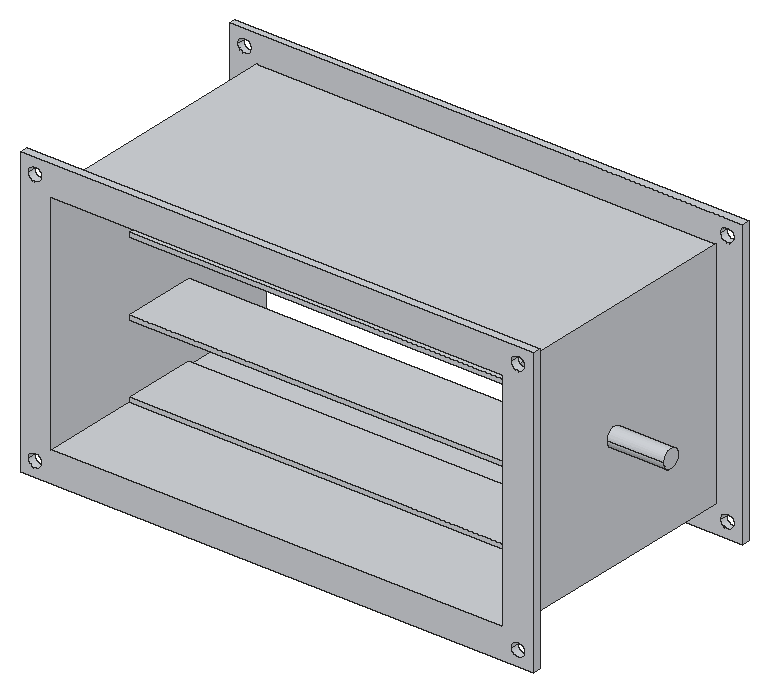
Revit family "14.Регулирующая заслонка для прямоугольных каналов ZR", category Оборудование, Revit 2016
Family settings
  Тип детали = Нормальный
  Размер круглого соединителя = Использовать диаметр
  На основе рабочей плоскости = Нет
  Всегда вертикально = Да
  При загрузке вырезать с полостями = Нет
  Общий = Нет
  Точка расчета площади = Нет
Parameters (values of type "30-15")
  ширина ламели = Б / 3 - 1 mm  # 49 mm
  х = Толщина ламели / 2  # 1.5 mm
  Электропривод = no
  Ширина = А  # 300 mm
  Частотный преобразователь [instance] = no
  Частота вращения n, об/мин = ""
  Толщина ламели = Б * 0.02  # 3 mm
  Тип, марка, обозначение = "ZR 30-15"
  Теплопроизводительность, кВт = ""
  Сила тока J, А = ""
  Регулятор расхода [instance] = no
  Размер В = 320 mm
  Раздел = "ОВ"
  Примечание = ""
  Позиция = ""
  Отступ = 20 mm
  Напряжение U,В = ""
  Наименование и тех.хар-ка = "Регулирующая заслонка для прямоугольных каналов"  # constant formula
  Материал = Сталь серая
  Масса единицы = "3.8 кг"
  И = 178 mm
  Ж = 9 mm
  Код, оборудования = ""
  Ключевая пометка = "Вентиляция"
  L ламели = А  # 300 mm
  Д = 340 mm
  Задание электрикам [instance] = no
  Задание автоматчикам [instance] = no
  Завод изготовитель = "KORF"  # constant formula
  Единица измерения = "шт."  # constant formula
  Г = 170 mm
  Е = 190 mm
  Высота = Б  # 150 mm
  Б = 150 mm
  А = 300 mm
  Глубина среза = 15 mm
  N = 3
  H = Б - ширина ламели  # 101 mm
Types (10, lengths in mm): name | ширина ламели | х | Электропривод | Ширина | Толщина ламели | Тип, марка, обозначение | Размер В | Масса единицы | И | Ж | L ламели | Д | Г | Е | Высота | Б | А | N | H
  30-15 | 49 | 1.5 | no | 300 | 3 | "ZR 30-15" | 320 | "3.8 кг" | 178 | 9 | 300 | 340 | 170 | 190 | 150 | 150 | 300 | 3 | 101
  40-20 | 65.667 | 2 | yes | 400 | 4 | "ZR 40-20" | 420 | "5.4 кг" | 178 | 9 | 400 | 440 | 220 | 240 | 200 | 200 | 400 | 0 | 134.333
  50-25 | 82.333 | 2.5 | yes | 500 | 5 | "ZR 50-25" | 520 | "6.6 кг" | 178 | 9 | 500 | 540 | 270 | 290 | 250 | 250 | 500 | 0 | 167.667
  50-30 | 99 | 3 | yes | 500 | 6 | "ZR 50-30" | 520 | "7.6 кг" | 178 | 9 | 500 | 540 | 320 | 340 | 300 | 300 | 500 | 0 | 201
  60-30 | 99 | 3 | yes | 600 | 6 | "ZR 60-30" | 620 | "8.6 кг" | 178 | 9 | 600 | 640 | 320 | 340 | 300 | 300 | 600 | 0 | 201
  60-35 | 115.667 | 3.5 | yes | 600 | 7 | "ZR 60-35" | 620 | "9 кг" | 178 | 9 | 600 | 640 | 370 | 390 | 350 | 350 | 600 | 0 | 234.333
  70-40 | 132.333 | 4 | yes | 700 | 8 | "ZR 70-40" | 720 | "11.2 кг" | 178 | 9 | 700 | 740 | 420 | 440 | 400 | 400 | 700 | 0 | 267.667
  80-50 | 165.667 | 5 | yes | 800 | 10 | "ZR 80-50" | 820 | "13.6 кг" | 178 | 9 | 800 | 870 | 520 | 540 | 500 | 500 | 800 | 0 | 334.333
  90-50 | 165.667 | 5 | yes | 900 | 10 | "ZR 90-50" | 930 | "15.8 кг" | 190 | 11 | 900 | 960 | 530 | 560 | 500 | 500 | 900 | 0 | 334.333
  100-50 | 165.667 | 5 | yes | 1000 | 10 | "ZR 100-50" | 1030 | "16.8 кг" | 190 | 11 | 1000 | 1060 | 530 | 560 | 500 | 500 | 1000 | 0 | 334.333
Reference planes
  plane 1 "По центру (Вперед/Назад)": y = 0
  plane 2: z = 0
  plane 3 "По центру (Влево/Вправо)": x = 0
  plane 4: x = -170
  plane 5: x = 170
  plane 6: z = 95
  plane 7: z = -95
  plane 8: x = -160
  plane 9: x = -150
  plane 10: x = 160
  plane 11: x = 150
  plane 12: z = 85
  plane 13: z = 75
  plane 14: z = -85
  plane 15: z = -75
  plane 16: y = 89
  plane 17: y = -89
  plane 18: y = -69
  plane 19: y = 69
  plane 20: y = 84.476
  plane 21: y = -84
  plane 22: x = 190
Forms (mm)
  Extrusion 1, void, not visible
    sketch origin (-345, -245, 50) x (0, -1, 0) y (0, 0, -1)
      loop
        line (-477.965, -475) -> (-477.965, -450) -> (-528.913, -450) -> (-528.913, -475) -> (-477.965, -475)
    from -47.452 to 12
  Extrusion 2, solid, detail levels fine
    sketch origin (0, 0, 0) x (1, 0, 0) y (0, 0, 1)
      loop
        line (-170, 95) -> (-170, -95) -> (170, -95) -> (170, 95) -> (-170, 95)
      loop
        line (-150, 75) -> (-150, -75) -> (150, -75) -> (150, 75) -> (-150, 75)
    from -89 to 89
  Extrusion 3, void
    sketch origin (0, 0, 0) x (1, 0, 0) y (0, 0, 1)
      loop
        circle (-160, 85) r 4.5
      loop
        circle (-160, -85) r 4.5
      loop
        circle (160, -85) r 4.5
      loop
        circle (160, 85) r 4.5
    from -89 to 89
  Sweep 4, void, detail levels fine
    path in 3D
      loop
        line (170, -89, 95) -> (170, -89, -95) -> (-170, -89, -95) -> (-170, -89, 95) -> (170, -89, 95)
    profile origin (0, -89, 95) x (0, 1, 0) y (0, 0, 1)
      loop
        line (5, 0) -> (5, -18) -> (173.476, -18) -> (173.476, 0) -> (5, 0)
  Extrusion 5, solid, detail levels fine
    sketch origin (0, -0.012, 0.097) x (0, 1, 0) y (0, 0, 1)
      loop
        circle (0, 0) r 6
    from 150 to 190
Cuts and joins
  Extrusion 3, Sweep 4 cuts Extrusion 2
  joined: Extrusion 2, Extrusion 5
Lines and regions (mm)
  sketch lines
    curve 1: line (-170, -89, 95) -> (170, -89, 95)
    curve 2: line (170, -89, 95) -> (170, -89, -95)
    curve 3: line (170, -89, -95) -> (-170, -89, -95)
    curve 4: line (-170, -89, -95) -> (-170, -89, 95)
  model lines, detail levels coarse
    curve 5: line (-170, 89, 0) -> (170, 89, 0)
    curve 6: line (-170, -89, 0) -> (-170, 89, 0)
    curve 7: line (170, -89, 0) -> (-170, -89, 0)
    curve 8: line (170, 89, 0) -> (170, -89, 0)
    curve 9: circle (0, 0, 0) r 25 normal (0, 0, 1)
    curve 10: line (35.355, -35.355, 0) -> (-35.355, 35.355, 0)
    curve 11: circle (-60.711, 0, 0) r 25 normal (0, 0, 1)
    curve 12: line (-25.355, -35.355, 0) -> (-96.066, 35.355, 0)
    curve 13: circle (-131.421, 0, 0) r 25 normal (0, 0, 1)
    curve 14: line (-96.066, -35.355, 0) -> (-166.777, 35.355, 0)
    curve 15: circle (60.711, 0, 0) r 25 normal (0, 0, -1)
    curve 16: circle (131.421, 0, 0) r 25 normal (0, 0, -1)
    curve 17: line (96.066, -35.355, 0) -> (25.355, 35.355, 0)
    curve 18: line (166.777, -35.355, 0) -> (96.066, 35.355, 0)
  model lines, not visible, detail levels coarse
    curve 19: circle (0, 0, 0) r 25 normal (0, 0, 1)
    curve 20: line (35.355, -35.355, 0) -> (-35.355, 35.355, 0)
    curve 21: circle (-60.711, 0, 0) r 25 normal (0, 0, 1)
    curve 22: line (-25.355, -35.355, 0) -> (-96.066, 35.355, 0)
    curve 23: circle (-131.421, 0, 0) r 25 normal (0, 0, 1)
    curve 24: line (-96.066, -35.355, 0) -> (-166.777, 35.355, 0)
    curve 25: circle (60.711, 0, 0) r 25 normal (0, 0, -1)
    curve 26: circle (131.421, 0, 0) r 25 normal (0, 0, -1)
    curve 27: line (96.066, -35.355, 0) -> (25.355, 35.355, 0)
    curve 28: line (166.777, -35.355, 0) -> (96.066, 35.355, 0)
  model lines, detail levels medium
    curve 29: line (0, 89, 95) -> (0, -89, 95)
    curve 30: line (0, 89, -95) -> (0, 89, 95)
    curve 31: line (0, -89, -95) -> (0, 89, -95)
    curve 32: line (0, -89, 95) -> (0, -89, -95)
    curve 33: circle (0, 0, 0) r 15 normal (1, 0, 0)
    curve 34: line (0, -17.678, -17.678) -> (0, 17.678, 17.678)
    curve 35: circle (0, 0, 50) r 15 normal (1, 0, 0)
    curve 36: line (0, -17.678, 32.322) -> (0, 17.678, 67.678)
    curve 37: circle (0, 0, -50) r 15 normal (1, 0, 0)
    curve 38: line (0, -17.678, -67.678) -> (0, 17.678, -32.322)
  model lines, not visible, detail levels medium
    curve 39: circle (0, 0, 0) r 15 normal (1, 0, 0)
    curve 40: line (0, -17.678, -17.678) -> (0, 17.678, 17.678)
    curve 41: circle (0, 0, 50) r 15 normal (1, 0, 0)
    curve 42: line (0, -17.678, 32.322) -> (0, 17.678, 67.678)
    curve 43: circle (0, 0, -50) r 15 normal (1, 0, 0)
    curve 44: line (0, -17.678, -67.678) -> (0, 17.678, -32.322)
Dimensions and locks
  equal spacing: plane 6, level, plane 7
  "Е": plane 6 to plane 7
  equal spacing: plane 12, level, plane 14
  "Г": plane 12 to plane 14
  equal spacing: plane 13, level, plane 15
  "Б": plane 13 to plane 15
  equal spacing: plane 5, plane 3 "По центру (Влево/Вправо)", plane 4
  "Д": plane 5 to plane 4
  equal spacing: plane 10, plane 3 "По центру (Влево/Вправо)", plane 8
  "Размер В": plane 10 to plane 8
  equal spacing: plane 9, plane 3 "По центру (Влево/Вправо)", plane 11
  "А": plane 9 to plane 11
  equal spacing: plane 16, plane 1 "По центру (Вперед/Назад)", plane 17
  "И": plane 16 to plane 17
  plane 6 to Sweep 4 sketch curve = 18 mm
  "Отступ": plane 16 to plane 19
  "Отступ": plane 18 to plane 17
  locked: plane 17 to plane 21 at 5
  locked: plane 20 to plane 16 at 4.524
  locked: plane 5 to plane 22 at 20
  "Ж": diameter of Extrusion 3 sketch curve  (x4)
  aligned and locked: level to plane 2
  aligned and locked: Extrusion 2 to plane 6
  aligned and locked: Extrusion 2 to plane 4
  aligned and locked: Extrusion 2 to plane 7
  aligned and locked: Extrusion 2 to plane 5
  aligned and locked: plane 16 to Extrusion 2
  aligned and locked: Extrusion 2 to plane 17
  aligned and locked: cut or joined group of Extrusion 2, Extrusion 3, Sweep 4, Extrusion 5 to plane 17
  aligned and locked: plane 16 to cut or joined group of Extrusion 2, Extrusion 3, Sweep 4, Extrusion 5
  aligned and locked: cut or joined group of Extrusion 2, Extrusion 3, Sweep 4, Extrusion 5 to plane 9
  aligned and locked: plane 11 to cut or joined group of Extrusion 2, Extrusion 3, Sweep 4, Extrusion 5
  aligned and locked: plane 15 to cut or joined group of Extrusion 2, Extrusion 3, Sweep 4, Extrusion 5
  aligned and locked: cut or joined group of Extrusion 2, Extrusion 3, Sweep 4, Extrusion 5 to plane 13
  aligned and locked: Sweep 4 sketch curve to plane 21
  aligned and locked: plane 20 to Sweep 4 sketch curve
  aligned and locked: nested 2 to plane 15
  aligned and locked: plane 3 "По центру (Влево/Вправо)" to nested 2
  aligned and locked: plane 1 "По центру (Вперед/Назад)" to nested 2
  aligned and locked: Extrusion 5 to plane 22
  aligned and locked: plane 11 to Extrusion 5
  aligned and locked: curve 5 to cut or joined group of Extrusion 2, Extrusion 3, Sweep 4, Extrusion 5
  aligned and locked: curve 6 to cut or joined group of Extrusion 2, Extrusion 3, Sweep 4, Extrusion 5
  aligned and locked: plane 17 to curve 7
  aligned and locked: plane 5 to curve 8
  aligned and locked: curve 29 to cut or joined group of Extrusion 2, Extrusion 3, Sweep 4, Extrusion 5
  aligned and locked: curve 30 to cut or joined group of Extrusion 2, Extrusion 3, Sweep 4, Extrusion 5
  aligned and locked: curve 31 to cut or joined group of Extrusion 2, Extrusion 3, Sweep 4, Extrusion 5
  aligned and locked: curve 32 to cut or joined group of Extrusion 2, Extrusion 3, Sweep 4, Extrusion 5
Automatic sketch dimensions
  level to Extrusion 5 sketch curve = 0.097 mm
  plane 1 "По центру (Вперед/Назад)" to Extrusion 5 sketch curve = 0.012 mm
  curve 7 to plane 17 = 0 mm
  Extrusion 2 sketch curve to plane 4 = 0 mm
  plane 9 to Extrusion 2 sketch curve = 0 mm
  plane 11 to Extrusion 2 sketch curve = 0 mm
  plane 5 to Extrusion 2 sketch curve = 0 mm
  Extrusion 2 sketch curve to plane 7 = 0 mm
  Extrusion 2 sketch curve to plane 15 = 0 mm
  Extrusion 2 sketch curve to plane 13 = 0 mm
  Extrusion 2 sketch curve to plane 6 = 0 mm
  Sweep 4 sketch curve to profile plane = 0 mm
  Extrusion 3 sketch curve to plane 8 = 0 mm  (x2)
  Extrusion 3 sketch curve to plane 10 = 0 mm  (x2)
  Extrusion 3 sketch curve to plane 14 = 0 mm  (x2)
  Extrusion 3 sketch curve to plane 12 = 0 mm  (x2)
  radius of Extrusion 5 sketch curve = 6 mm
Nested families
  nested 1: "крепление 15мм" at (-330, 229.965, 495), type "крепление 15мм", not visible
  nested 2: "Ламель массив" at (0, 0, -75), type "30-15", detail levels fine
    with ножки(да/нет) no, Частотный преобразователь no, Регулятор расхода no, Задание электрикам no, Задание автоматчикам no, Ширина ламели 49 mm, Толщина ламели 3 mm, L 300 mm
Connectors
  hvac at (0, -89, 0), driven by "Высота", driven by "Ширина"
    settings: on cut or joined group of Extrusion 2, Extrusion 3, Sweep 4, Extrusion 5, index 1, duct flow 0.0 L/s, flow factor 0, pres drop 0.0 Pa, loss coef 0, conn angle 0.00°, conn width 300 mm, conn height 150 mm, conn diameter 609.6 mm, duct sys type 28, conn prof type 1, flow config 0, flow direction 0, loss method 0, conn ref index 2, conn util no, is conn primary yes, conn desc ""
  hvac at (0, 89, 0), driven by "Высота", driven by "Ширина"
    settings: on cut or joined group of Extrusion 2, Extrusion 3, Sweep 4, Extrusion 5, index 2, duct flow 0.0 L/s, flow factor 0, pres drop 0.0 Pa, loss coef 0, conn angle 0.00°, conn width 300 mm, conn height 150 mm, conn diameter 609.6 mm, duct sys type 28, conn prof type 1, flow config 0, flow direction 0, loss method 0, conn ref index 1, conn util no, is conn primary no, conn desc ""
Definition of nested family "крепление 15мм"
  Parameters (values of type "крепление 15мм")
    Материал крепления = none
  Reference planes
    plane 1 "По центру (Вперед/Назад)": y = 0
    plane 2: z = 0
    plane 3 "По центру (Влево/Вправо)": x = 0
  Forms (mm)
    Extrusion 1, solid, material <- "Материал крепления"
      sketch origin (0, 0, 0) x (1, 0, 0) y (0, 1, 0)
        loop
          line (-25, 0) -> (0, 0) -> (0, 18.31) -> (0, 25) -> (-3, 25) -> (-3, 3) -> (-25, 3) -> (-25, 0)
      from 0 to 30
    Extrusion 2, void
      sketch origin (0, 0, 0) x (1, 0, 0) y (0, 1, 0)
        loop
          line (-3, 3) -> (-3, 54.96) -> (-58, 54.96) -> (-58, 3) -> (-3, 3)
      from 0 to 15
  Cuts and joins
    Extrusion 2 cuts Extrusion 1
  Dimensions and locks
    Extrusion 1 sketch curve to Extrusion 1 sketch curve = 3 mm  (x2)
    Extrusion 1 sketch curve to Extrusion 1 sketch curve to plane 3 "По центру (Влево/Вправо)" = 25 mm, 0 mm
    Extrusion 1 sketch curve to Extrusion 1 sketch curve = 25 mm
    aligned and locked: level to plane 2
Definition of nested family "Ламель массив"
  Parameters (values of type "30-15")
    ножки(да/нет) [instance] = no
    Ширина ламели = 50 mm
    Частотный преобразователь [instance] = no
    Частота вращения n, об/мин = ""
    Толщина ламели = 5 mm
    Тип, марка, обозначение = ""
    Теплопроизводительность, кВт = ""
    Сила тока J, А = ""
    Регулятор расхода [instance] = no
    Раздел = "ОВ"
    Примечание = ""
    Позиция = ""
    Напряжение U,В = ""
    Наименование и тех.хар-ка = "Ламель"  # constant formula
    Материал = none
    Масса единицы = ""
    Код, оборудования = ""
    Keynote = "Вентиляция"
    Задание электрикам [instance] = no
    Задание автоматчикам [instance] = no
    Завод изготовитель = "NED"  # constant formula
    Единица измерения = "шт."  # constant formula
    N = 4
    L = 180 mm
    H = 150 mm
  Reference planes
    plane 1 "По центру (Вперед/Назад)": y = 0
    plane 2: z = 0
    plane 3 "По центру (Влево/Вправо)": x = 0
    plane 4 "1": z = 150
    plane 5: x = -90
    plane 6: x = 90
  Forms (mm)
    Extrusion 1, void, not visible
      sketch origin (-345, -245, 50) x (0, -1, 0) y (0, 0, -1)
        loop
          line (-477.965, -475) -> (-477.965, -450) -> (-528.913, -450) -> (-528.913, -475) -> (-477.965, -475)
      from -47.452 to 12
  Dimensions and locks
    equal spacing: group 2, group 4, group 5, group 3  (x3)
    "H": plane 4 "1" to level
    equal spacing: plane 5, plane 3 "По центру (Влево/Вправо)", plane 6
    "L": plane 5 to plane 6
    aligned and locked: level to plane 2
    aligned and locked: plane 4 "1" to nested 2
  Nested families
    nested 1: "Ламель" at (0, 0, 0), type "30-15"
      with ножки(да/нет) no, Частотный преобразователь no, Регулятор расхода no, Задание электрикам no, Задание автоматчикам no, L 180 mm
    nested 2: "Ламель" at (0, 0, 145), type "30-15"
      with ножки(да/нет) no, Частотный преобразователь no, Регулятор расхода no, Задание электрикам no, Задание автоматчикам no, L 180 mm
    nested 3: "Ламель" at (0, 0, 48.333), type "30-15"
      with ножки(да/нет) no, Частотный преобразователь no, Регулятор расхода no, Задание электрикам no, Задание автоматчикам no, L 180 mm
    nested 4: "Ламель" at (0, 0, 96.667), type "30-15"
      with ножки(да/нет) no, Частотный преобразователь no, Регулятор расхода no, Задание электрикам no, Задание автоматчикам no, L 180 mm
  Definition of nested family "Ламель"
    Parameters (values of type "30-15")
      ножки(да/нет) [instance] = no
      Ширина ламели = 50 mm
      Частотный преобразователь [instance] = no
      Частота вращения n, об/мин = ""
      Толщина ламели = 5 mm
      Тип, марка, обозначение = ""
      Теплопроизводительность, кВт = ""
      Сила тока J, А = ""
      Регулятор расхода [instance] = no
      Раздел = "ОВ"
      Примечание = ""
      Позиция = ""
      Напряжение U,В = ""
      Наименование и тех.хар-ка = "Ламель"  # constant formula
      Материал = none
      Масса единицы = ""
      Код, оборудования = ""
      Keynote = "Вентиляция"
      Задание электрикам [instance] = no
      Задание автоматчикам [instance] = no
      Завод изготовитель = "NED"  # constant formula
      Единица измерения = "шт."  # constant formula
      L = 300 mm
    Reference planes
      plane 1 "По центру (Вперед/Назад)": y = 0
      plane 2: z = 0
      plane 3 "По центру (Влево/Вправо)": x = 0
      plane 4: x = -150
      plane 5: x = 150
      plane 6: y = -25
      plane 7: y = 25
      plane 8: z = 5
    Forms (mm)
      Extrusion 1, void, not visible
        sketch origin (-345, -245, 50) x (0, -1, 0) y (0, 0, -1)
          loop
            line (-477.965, -475) -> (-477.965, -450) -> (-528.913, -450) -> (-528.913, -475) -> (-477.965, -475)
        from -47.452 to 12
      Extrusion 2, solid
        sketch origin (0, 0, 0) x (1, 0, 0) y (0, 1, 0)
          loop
            line (-150, 25) -> (-150, -25) -> (150, -25) -> (150, 25) -> (-150, 25)
        from 0 to 5
    Dimensions and locks
      equal spacing: plane 7, plane 1 "По центру (Вперед/Назад)", plane 6
      "Ширина ламели": plane 6 to plane 7
      equal spacing: plane 4, plane 3 "По центру (Влево/Вправо)", plane 5
      "L": plane 4 to plane 5
      "Толщина ламели": plane 8 to level
      aligned and locked: level to plane 2
      aligned and locked: Extrusion 2 to plane 4
      aligned and locked: plane 5 to Extrusion 2
      aligned and locked: plane 6 to Extrusion 2
      aligned and locked: plane 7 to Extrusion 2
      aligned and locked: plane 8 to Extrusion 2
    Automatic sketch dimensions
      plane 4 to Extrusion 2 sketch curve = 0 mm
      Extrusion 2 sketch curve to plane 5 = 0 mm
      plane 1 "По центру (Вперед/Назад)" to Extrusion 2 sketch curve = 25 mm
      Extrusion 2 sketch curve to plane 7 = 0 mm
